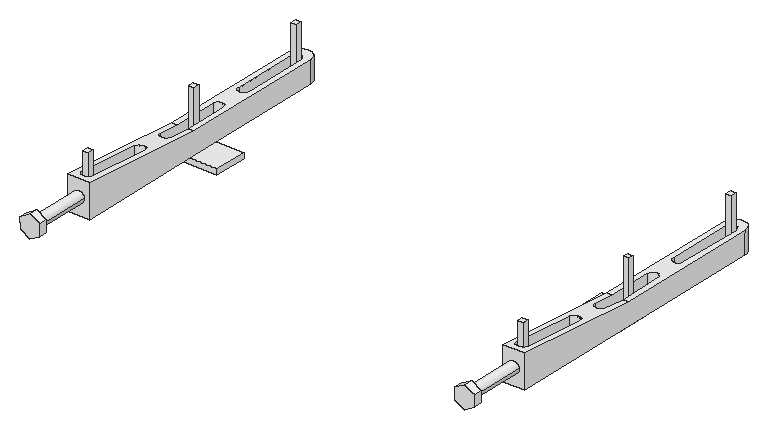
Revit family "MC-51-LP", category Plumbing Fixtures, host Wall, Revit 2026
Family settings
  Host = Wall
  Round Connector Dimension = Use Diameter
  Part Type = Normal
  Classification Number = 23.45.05.21.11
  Enable Cutting in Views = No
  Always vertical = Yes
  Cut with Voids When Loaded = No
  Maintain Annotation Orientation = No
  Shared = No
  Room Calculation Point = No
Parameters
  URL = "www.mifab.com"
  Model = "MC-51-LP"
  Manufacturer = "MIFAB"
  Floor Drain Material = Paint - Sherwin Williams Paint - #952C2A - Bellwood Red
  Description = "Concealed Arms For Lavatory Support"
  Default Elevation = 0"
Reference planes (in)
  plane 1: y = 0
  plane 2 "Center (Left/Right)": x = -0.47711
  plane 3 "Back": y = 3
  plane 4: x = -10.47711
  plane 5: x = 9.52289
  plane 6: y = 3
  plane 7: y = -3
Forms (in)
  Extrusion 1, solid, material "Paint - Sherwin Williams Paint - #952C2A - Bellwood Red" <- "Floor Drain Material"
    sketch origin (-9.97711, 0, -19.00247) x (0, -1, 0) y (0, 0, 1)
      loop
        line (-5.80094, 32.8507) -> (-5.80094, 34.37564) -> (-11.80094, 33.8507) -> (-17.80094, 33.8507) -> (-17.80094, 32.8507) -> (-5.80094, 32.8507)
    from 0 to 1
  Extrusion 2, solid, material "Paint - Sherwin Williams Paint - #952C2A - Bellwood Red" <- "Floor Drain Material"
    sketch origin (3.77466, 1.5, -18.74) x (-1, 0, 0) y (0, 0, 1)
      loop
        circle (14.25176, 33.3507) r 0.25
    from 1.87898 to 4.30094
  Extrusion 3, solid, material "Paint - Sherwin Williams Paint - #952C2A - Bellwood Red" <- "Floor Drain Material"
    sketch origin (3.77466, 1.5, -19.00247) x (-1, 0, 0) y (0, 0, 1)
      loop
        line (13.80665, 33.87016) -> (13.80665, 33.35618) -> (14.25176, 33.09919) -> (14.69688, 33.35618) -> (14.69688, 33.87016) -> (14.25176, 34.12715) -> (13.80665, 33.87016)
    from 1.5 to 1.87898
  Extrusion 4, solid, material "Paint - Sherwin Williams Paint - #952C2A - Bellwood Red" <- "Floor Drain Material"
    sketch origin (3.77466, 1.5, 13.84823) x (-1, 0, 0) y (0, -1, 0)
      loop
        line (13.75176, -16.30094) -> (13.75176, -17)
        arc (13.75176, -17) -> (14.25176, -17.5) -> (14.75176, -17) r 0.5
        line (14.75176, -17) -> (14.75176, -16.30094) -> (13.75176, -16.30094)
    from 0 to 1
  Extrusion 5, void
    sketch origin (3.77466, 1.5, -19.00247) x (-1, 0, 0) y (0, -1, 0)
      loop
        arc (14.50176, -4.80094) -> (14.25176, -4.55094) -> (14.00176, -4.80094) r 0.25
        line (14.00176, -4.80094) -> (14.00176, -7.80094)
        arc (14.00176, -7.80094) -> (14.25176, -8.05094) -> (14.50176, -7.80094) r 0.25
        line (14.50176, -7.80094) -> (14.50176, -4.80094)
      loop
        arc (14.50176, -9.30094) -> (14.25176, -9.05094) -> (14.00176, -9.30094) r 0.25
        line (14.00176, -9.30094) -> (14.00176, -12.30094)
        arc (14.00176, -12.30094) -> (14.25176, -12.55094) -> (14.50176, -12.30094) r 0.25
        line (14.50176, -12.30094) -> (14.50176, -9.30094)
      loop
        arc (14.50176, -13.80094) -> (14.25176, -13.55094) -> (14.00176, -13.80094) r 0.25
        line (14.00176, -13.80094) -> (14.00176, -16.80094)
        arc (14.00176, -16.80094) -> (14.25176, -17.05094) -> (14.50176, -16.80094) r 0.25
        line (14.50176, -16.80094) -> (14.50176, -13.80094)
    from 33.29844 to 34.37564
  Extrusion 6, solid, material "Paint - Sherwin Williams Paint - #952C2A - Bellwood Red" <- "Floor Drain Material"
    sketch origin (3.77466, 1.5, -19.00247) x (-1, 0, 0) y (0, -1, 0)
      loop
        line (14.37676, -16.67594) -> (14.12676, -16.67594) -> (14.12676, -16.92594) -> (14.37676, -16.92594) -> (14.37676, -16.67594)
      loop
        line (14.37676, -4.95816) -> (14.37676, -4.70816) -> (14.12676, -4.70816) -> (14.12676, -4.95816) -> (14.37676, -4.95816)
    from 33.29844 to 35.29844
  Extrusion 7, solid, material "Paint - Sherwin Williams Paint - #952C2A - Bellwood Red" <- "Floor Drain Material"
    sketch origin (3.77466, 1.5, -18.35968) x (-1, 0, 0) y (0, -1, 0)
      loop
        line (12.50176, -10.07993) -> (12.50176, -11.57993) -> (14.50176, -11.57993) -> (14.50176, -10.07993) -> (12.50176, -10.07993)
    from 31.95792 to 32.20792
  Extrusion 8, solid, material "Paint - Sherwin Williams Paint - #952C2A - Bellwood Red" <- "Floor Drain Material"
    sketch origin (3.77466, -4.39811, -19.00247) x (-1, 0, 0) y (0, -1, 0)
      loop
        line (14.37676, -16.67594) -> (14.12676, -16.67594) -> (14.12676, -16.92594) -> (14.37676, -16.92594) -> (14.37676, -16.67594)
    from 33.29844 to 35.29844
  Extrusion 9, solid, not visible
    sketch origin (-10.60211, 0, -19.00247) x (0, -1, 0) y (0, 0, 1)
      loop
        line (-5.80094, 32.8507) -> (-5.80094, 34.37564) -> (-11.80094, 33.8507) -> (-17.80094, 33.8507) -> (-17.80094, 32.8507) -> (-5.80094, 32.8507)
    from 0 to 1
  Extrusion 10, solid, not visible
    sketch origin (3.14966, 1.5, -18.74) x (-1, 0, 0) y (0, 0, 1)
      loop
        circle (14.25176, 33.3507) r 0.25
    from 1.87898 to 4.30094
  Extrusion 11, solid, not visible
    sketch origin (3.14966, 1.5, -19.00247) x (-1, 0, 0) y (0, 0, 1)
      loop
        line (13.80665, 33.87016) -> (13.80665, 33.35618) -> (14.25176, 33.09919) -> (14.69688, 33.35618) -> (14.69688, 33.87016) -> (14.25176, 34.12715) -> (13.80665, 33.87016)
    from 1.5 to 1.87898
  Extrusion 12, solid, not visible
    sketch origin (3.14966, 1.5, 13.84823) x (-1, 0, 0) y (0, -1, 0)
      loop
        line (13.75176, -16.30094) -> (13.75176, -17)
        arc (13.75176, -17) -> (14.25176, -17.5) -> (14.75176, -17) r 0.5
        line (14.75176, -17) -> (14.75176, -16.30094) -> (13.75176, -16.30094)
    from 0 to 1
  Extrusion 13, void, not visible
    sketch origin (3.14966, 1.5, -19.00247) x (-1, 0, 0) y (0, -1, 0)
      loop
        arc (14.50176, -4.80094) -> (14.25176, -4.55094) -> (14.00176, -4.80094) r 0.25
        line (14.00176, -4.80094) -> (14.00176, -7.80094)
        arc (14.00176, -7.80094) -> (14.25176, -8.05094) -> (14.50176, -7.80094) r 0.25
        line (14.50176, -7.80094) -> (14.50176, -4.80094)
      loop
        arc (14.50176, -9.30094) -> (14.25176, -9.05094) -> (14.00176, -9.30094) r 0.25
        line (14.00176, -9.30094) -> (14.00176, -12.30094)
        arc (14.00176, -12.30094) -> (14.25176, -12.55094) -> (14.50176, -12.30094) r 0.25
        line (14.50176, -12.30094) -> (14.50176, -9.30094)
      loop
        arc (14.50176, -13.80094) -> (14.25176, -13.55094) -> (14.00176, -13.80094) r 0.25
        line (14.00176, -13.80094) -> (14.00176, -16.80094)
        arc (14.00176, -16.80094) -> (14.25176, -17.05094) -> (14.50176, -16.80094) r 0.25
        line (14.50176, -16.80094) -> (14.50176, -13.80094)
    from 33.29844 to 34.37564
  Extrusion 14, solid, not visible
    sketch origin (3.14966, 1.5, -19.00247) x (-1, 0, 0) y (0, -1, 0)
      loop
        line (14.37676, -16.67594) -> (14.12676, -16.67594) -> (14.12676, -16.92594) -> (14.37676, -16.92594) -> (14.37676, -16.67594)
      loop
        line (14.37676, -4.95816) -> (14.37676, -4.70816) -> (14.12676, -4.70816) -> (14.12676, -4.95816) -> (14.37676, -4.95816)
    from 33.29844 to 35.29844
  Extrusion 15, solid, not visible
    sketch origin (3.14966, 1.5, -18.35968) x (-1, 0, 0) y (0, -1, 0)
      loop
        line (12.50176, -10.07993) -> (12.50176, -11.57993) -> (14.50176, -11.57993) -> (14.50176, -10.07993) -> (12.50176, -10.07993)
    from 31.95792 to 32.20792
  Extrusion 16, solid, not visible
    sketch origin (3.14966, -4.39811, -19.00247) x (-1, 0, 0) y (0, -1, 0)
      loop
        line (14.37676, -16.67594) -> (14.12676, -16.67594) -> (14.12676, -16.92594) -> (14.37676, -16.92594) -> (14.37676, -16.67594)
    from 33.29844 to 35.29844
  Extrusion 17, solid, material "Paint - Sherwin Williams Paint - #952C2A - Bellwood Red" <- "Floor Drain Material"
    sketch origin (9.02289, 0, -19.00247) x (0, -1, 0) y (0, 0, -1)
      loop
        line (-5.80094, -32.8507) -> (-17.80094, -32.8507) -> (-17.80094, -33.8507) -> (-11.80094, -33.8507) -> (-5.80094, -34.37564) -> (-5.80094, -32.8507)
    from 0 to 1
  Extrusion 18, solid, material "Paint - Sherwin Williams Paint - #952C2A - Bellwood Red" <- "Floor Drain Material"
    sketch origin (-4.72887, 1.5, -18.74) x (1, 0, 0) y (0, 0, -1)
      loop
        circle (14.25176, -33.3507) r 0.25
    from 1.87898 to 4.30094
  Extrusion 19, solid, material "Paint - Sherwin Williams Paint - #952C2A - Bellwood Red" <- "Floor Drain Material"
    sketch origin (-4.72887, 1.5, -19.00247) x (1, 0, 0) y (0, 0, -1)
      loop
        line (13.80665, -33.87016) -> (14.25176, -34.12715) -> (14.69688, -33.87016) -> (14.69688, -33.35618) -> (14.25176, -33.09919) -> (13.80665, -33.35618) -> (13.80665, -33.87016)
    from 1.5 to 1.87898
  Extrusion 20, solid, material "Paint - Sherwin Williams Paint - #952C2A - Bellwood Red" <- "Floor Drain Material"
    sketch origin (-4.72887, 1.5, 13.84823) x (1, 0, 0) y (0, 1, 0)
      loop
        line (13.75176, 16.30094) -> (14.75176, 16.30094) -> (14.75176, 17)
        arc (14.75176, 17) -> (14.25176, 17.5) -> (13.75176, 17) r 0.5
        line (13.75176, 17) -> (13.75176, 16.30094)
    from 0 to 1
  Extrusion 21, void
    sketch origin (-4.72887, 1.5, -19.00247) x (1, 0, 0) y (0, 1, 0)
      loop
        line (14.50176, 4.80094) -> (14.50176, 7.80094)
        arc (14.50176, 7.80094) -> (14.25176, 8.05094) -> (14.00176, 7.80094) r 0.25
        line (14.00176, 7.80094) -> (14.00176, 4.80094)
        arc (14.00176, 4.80094) -> (14.25176, 4.55094) -> (14.50176, 4.80094) r 0.25
      loop
        line (14.50176, 9.30094) -> (14.50176, 12.30094)
        arc (14.50176, 12.30094) -> (14.25176, 12.55094) -> (14.00176, 12.30094) r 0.25
        line (14.00176, 12.30094) -> (14.00176, 9.30094)
        arc (14.00176, 9.30094) -> (14.25176, 9.05094) -> (14.50176, 9.30094) r 0.25
      loop
        line (14.50176, 13.80094) -> (14.50176, 16.80094)
        arc (14.50176, 16.80094) -> (14.25176, 17.05094) -> (14.00176, 16.80094) r 0.25
        line (14.00176, 16.80094) -> (14.00176, 13.80094)
        arc (14.00176, 13.80094) -> (14.25176, 13.55094) -> (14.50176, 13.80094) r 0.25
    from 33.29844 to 34.37564
  Extrusion 22, solid, material "Paint - Sherwin Williams Paint - #952C2A - Bellwood Red" <- "Floor Drain Material"
    sketch origin (-4.72887, 1.5, -19.00247) x (1, 0, 0) y (0, 1, 0)
      loop
        line (14.37676, 16.67594) -> (14.37676, 16.92594) -> (14.12676, 16.92594) -> (14.12676, 16.67594) -> (14.37676, 16.67594)
      loop
        line (14.37676, 4.95816) -> (14.12676, 4.95816) -> (14.12676, 4.70816) -> (14.37676, 4.70816) -> (14.37676, 4.95816)
    from 33.29844 to 35.29844
  Extrusion 23, solid, material "Paint - Sherwin Williams Paint - #952C2A - Bellwood Red" <- "Floor Drain Material"
    sketch origin (-4.72887, 1.5, -18.35968) x (1, 0, 0) y (0, 1, 0)
      loop
        line (12.50176, 10.07993) -> (14.50176, 10.07993) -> (14.50176, 11.57993) -> (12.50176, 11.57993) -> (12.50176, 10.07993)
    from 31.95792 to 32.20792
  Extrusion 24, solid, material "Paint - Sherwin Williams Paint - #952C2A - Bellwood Red" <- "Floor Drain Material"
    sketch origin (-4.72887, -4.39811, -19.00247) x (1, 0, 0) y (0, 1, 0)
      loop
        line (14.37676, 16.67594) -> (14.37676, 16.92594) -> (14.12676, 16.92594) -> (14.12676, 16.67594) -> (14.37676, 16.67594)
    from 33.29844 to 35.29844
Cuts and joins
  Extrusion 5, Extrusion 21 cuts Extrusion 1
  Extrusion 21 cuts Extrusion 2
  Extrusion 21 cuts Extrusion 3
  Extrusion 5, Extrusion 21 cuts Extrusion 4
  Extrusion 21 cuts Extrusion 6
  Extrusion 21 cuts Extrusion 7
  Extrusion 21 cuts Extrusion 8
  joined: Extrusion 1, Extrusion 2, Extrusion 3, Extrusion 4, Extrusion 6, Extrusion 7, Extrusion 8
  Extrusion 21 cuts Extrusion 17
  Extrusion 21 cuts Extrusion 20
  joined: Extrusion 17, Extrusion 18, Extrusion 19, Extrusion 20, Extrusion 22, Extrusion 23, Extrusion 24
Text (in)
  text "Placement Side" at (0, 40.15149, 123.01588), in view "Right"
  text "Placement Side" at (-70.3804, 45.82615, 0), in view "Ref. Level"
  text "Placement Side" at (0, 47.49176, 113.10569), in view "Left"
Dimensions and locks (in)
  locked: plane 3 "Back" to host wall
  equal spacing: plane 4, plane 2 "Center (Left/Right)", plane 5
  plane 4 to plane 5 = 20"
  plane 3 "Back" to plane 6 = 0"
  cut or joined group 1 (Extrusion 1, Extrusion 2, Extrusion 3, Extrusion 4, Extrusion 5, Extrusion 6, Extrusion 7, Extrusion 8, Extrusion 21) to plane 4 to cut or joined group 1 = 1/2", 1/2"
  cut or joined group 1 to plane 4 to cut or joined group 1 = 1/4", 1/4"
  aligned and locked: plane 7 to host wall
Automatic sketch dimensions
  Extrusion 9 sketch curve to Extrusion 9 sketch curve = 6"  (x2)
  Extrusion 9 sketch curve to Extrusion 9 sketch curve = 1"
  Extrusion 9 sketch curve to Extrusion 9 sketch curve = 1.52493"
  Extrusion 11 sketch curve to Extrusion 11 sketch curve = 0.44512"  (x3)
  Extrusion 11 sketch curve to Extrusion 11 sketch curve = 0.25699"  (x3)
  Extrusion 11 sketch curve to Extrusion 11 sketch curve = 0.51398"  (x2)
  Extrusion 12 sketch curve to Extrusion 12 sketch curve = 1"
  Extrusion 13 sketch curve to Extrusion 13 sketch curve = 0"  (x2)
  Extrusion 13 sketch curve to Extrusion 13 sketch curve = 1/2"  (x3)
  Extrusion 13 sketch curve to Extrusion 13 sketch curve = 1 1/2"  (x2)
  Extrusion 13 sketch curve to Extrusion 13 sketch curve = 3"  (x3)
  Extrusion 14 sketch curve to Extrusion 14 sketch curve = 0"
  Extrusion 14 sketch curve to Extrusion 14 sketch curve = 1/4"  (x4)
  Extrusion 15 sketch curve to Extrusion 15 sketch curve = 2"
  Extrusion 16 sketch curve to Extrusion 16 sketch curve = 1/4"  (x2)
  Extrusion 12 sketch curve to Extrusion 12 sketch curve = 0.69906"
  Extrusion 14 sketch curve to Extrusion 14 sketch curve = 11.71778"
  Extrusion 15 sketch curve to Extrusion 15 sketch curve = 1 1/2"
  Extrusion 1 sketch curve to level = 0.76247"
  host wall to Extrusion 1 sketch curve = 14.80094"
  level to Extrusion 1 sketch curve = 0.23753"
  Extrusion 1 sketch curve to Extrusion 1 sketch curve = 6"
  level to Extrusion 1 sketch curve = 0.76247"
  host wall to Extrusion 1 sketch curve = 2.80094"
  Extrusion 2 sketch curve to level = 0"
  plane 4 to Extrusion 2 sketch curve = 0"
  plane 4 to Extrusion 3 sketch curve = 0"  (x2)
  Extrusion 3 sketch curve to level = 0.51398"
  Extrusion 3 sketch curve to plane 4 = 0.44512"
  plane 4 to Extrusion 3 sketch curve = 0.44512"
  Extrusion 3 sketch curve to level = 0.25699"  (x2)
  level to Extrusion 3 sketch curve = 0.25699"  (x2)
  level to Extrusion 3 sketch curve = 0.51398"
  Extrusion 4 sketch curve to plane 4 = 1/2"
  host wall to Extrusion 4 sketch curve = 15 1/2"
  Extrusion 4 sketch curve to plane 4 = 0"
  Extrusion 4 sketch curve to Extrusion 4 sketch curve = 0.69906"
  Extrusion 5 sketch curve to plane 4 = 1/4"  (x2)
  host wall to Extrusion 5 sketch curve = 15.30094"
  Extrusion 5 sketch curve to plane 4 = 0"  (x3)
  Extrusion 5 sketch curve to Extrusion 5 sketch curve = 1/4"
  Extrusion 5 sketch curve to Extrusion 5 sketch curve = 3"  (x3)
  Extrusion 5 sketch curve to Extrusion 5 sketch curve = 1 1/2"  (x2)
  Extrusion 6 sketch curve to plane 4 = 1/8"  (x2)
  plane 4 to Extrusion 6 sketch curve = 1/8"  (x2)
  host wall to Extrusion 6 sketch curve = 15.42594"
  Extrusion 6 sketch curve to Extrusion 6 sketch curve = 1/4"  (x2)
  host wall to Extrusion 6 sketch curve = 3.45816"
  Extrusion 7 sketch curve to plane 4 = 1 3/4"
  host wall to Extrusion 7 sketch curve = 10.07993"
  plane 4 to Extrusion 7 sketch curve = 1/4"
  Extrusion 7 sketch curve to Extrusion 7 sketch curve = 1 1/2"
  Extrusion 8 sketch curve to plane 4 = 1/8"
  plane 4 to Extrusion 8 sketch curve = 1/8"
  host wall to Extrusion 8 sketch curve = 9.52784"
  Extrusion 8 sketch curve to Extrusion 8 sketch curve = 1/4"
  Extrusion 17 sketch curve to level = 0.76247"
  host wall to Extrusion 17 sketch curve = 14.80094"
  level to Extrusion 17 sketch curve = 0.76247"
  level to Extrusion 17 sketch curve = 0.23753"
  Extrusion 17 sketch curve to Extrusion 17 sketch curve = 6"
  host wall to Extrusion 17 sketch curve = 2.80094"
  Extrusion 18 sketch curve to level = 0"
  plane 5 to Extrusion 18 sketch curve = 0"
  plane 5 to Extrusion 19 sketch curve = 0"  (x2)
  level to Extrusion 19 sketch curve = 0.51398"
  plane 5 to Extrusion 19 sketch curve = 0.44512"
  Extrusion 19 sketch curve to plane 5 = 0.44512"
  level to Extrusion 19 sketch curve = 0.25699"  (x2)
  Extrusion 19 sketch curve to level = 0.25699"  (x2)
  Extrusion 19 sketch curve to Extrusion 19 sketch curve = 0.25699"
  plane 5 to Extrusion 20 sketch curve = 1/2"
  host wall to Extrusion 20 sketch curve = 14.80094"
  Extrusion 20 sketch curve to plane 5 = 0"
  Extrusion 20 sketch curve to Extrusion 20 sketch curve = 0.69906"
  plane 5 to Extrusion 21 sketch curve = 1/4"  (x2)
  host wall to Extrusion 21 sketch curve = 3.30094"
  Extrusion 21 sketch curve to plane 5 = 0"  (x3)
  Extrusion 21 sketch curve to Extrusion 21 sketch curve = 1/4"
  Extrusion 21 sketch curve to Extrusion 21 sketch curve = 3"  (x3)
  Extrusion 21 sketch curve to Extrusion 21 sketch curve = 1 1/2"  (x2)
  plane 5 to Extrusion 22 sketch curve = 1/8"  (x2)
  Extrusion 22 sketch curve to plane 5 = 1/8"  (x2)
  host wall to Extrusion 22 sketch curve = 3.20816"
  Extrusion 22 sketch curve to Extrusion 22 sketch curve = 1/4"  (x2)
  Extrusion 22 sketch curve to Extrusion 22 sketch curve = 11.71778"
  plane 5 to Extrusion 23 sketch curve = 1 3/4"
  Extrusion 23 sketch curve to plane 5 = 1/4"
  host wall to Extrusion 23 sketch curve = 8.57993"
  Extrusion 23 sketch curve to Extrusion 23 sketch curve = 1 1/2"
  plane 5 to Extrusion 24 sketch curve = 1/8"
  host wall to Extrusion 24 sketch curve = 9.27784"
  Extrusion 24 sketch curve to plane 5 = 1/8"
  Extrusion 24 sketch curve to Extrusion 24 sketch curve = 1/4"
  radius of Extrusion 10 sketch curve = 1/4"
  radius of Extrusion 2 sketch curve = 1/4"
  radius of Extrusion 18 sketch curve = 1/4"
